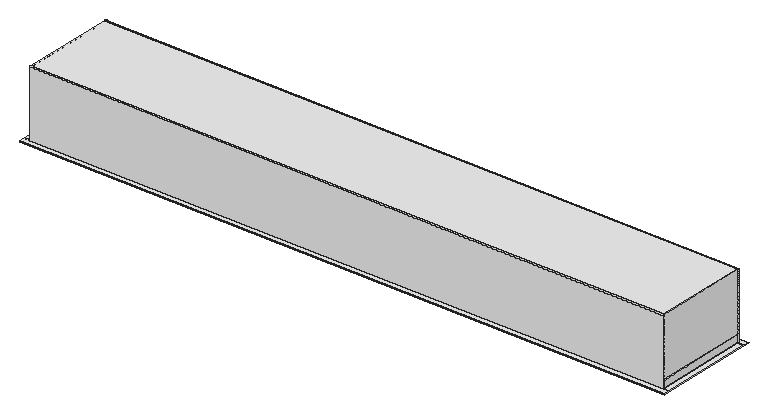
Revit family "MD3xx-4200-48", category Lighting Fixtures, host Ceiling, Revit 2023
Family settings
  Host = Ceiling
  Round Connector Dimension = Use Diameter
  Part Type = Normal
  OmniClass Number = 23.80.70.11.14.17
  OmniClass Title = Direct/Indirect
  Always vertical = Yes
  Cut with Voids When Loaded = No
  Light Source = Yes
  Maintain Annotation Orientation = No
  Shared = No
  Room Calculation Point = No
Parameters (values of type "MD3xx-4200-48-LED840K010LUNV (Reading ON)")
  Width = 0' - 7 3/4"
  Wattage = 10.25 W
  built-in parameter 1150110 = 1 (stored number, unit not read)
  Voltage = 120 V
  URL = "https://viscor.com/products/md-3-4200"
  built-in parameter 1114217 = 0.9 (stored number, unit not read)
  Tilt Angle = 90.00°
  built-in parameter 1150109 = 1 (stored number, unit not read)
  built-in parameter 1150134 = 12
  built-in parameter 1150113 = 1 (stored number, unit not read)
  Photometric Web File = "MD3xx-4200-48-LED840K010LUNV (Reading ON).ies"
  Model = "MD3-4200"  # constant formula
  Manufacturer = "Certolux By Viscor"  # constant formula
  Lumens = 998.043 lm
  built-in parameter 1150115 = 1 (stored number, unit not read)
  built-in parameter 1150105 = 79.422 (stored number, unit not read)
  built-in parameter 1150137 = (empty or 0)
  built-in parameter 1150139 = (empty or 0)
  Lens Finish = Acrylic - Viscor - Flat Frosted Prismatic P12
  Length = 3' - 11 3/4"
  Lamp Wattage = 10.25 VA
  built-in parameter 1150112 = 1 (stored number, unit not read)
  built-in parameter 1150114 = 1 (stored number, unit not read)
  Lamp = "LED"  # constant formula
  built-in parameter 1150132 = (empty or 0)
  built-in parameter 1150102 = (empty or 0)
  built-in parameter 1150138 = (empty or 0)
  built-in parameter 1150107 = 4000 (stored number, unit not read)
  built-in parameter 1150106 = 0.79422 (stored number, unit not read)
  Housing Finish = Metal - Viscor - White
  Emit from Rectangle Width = Width  # 0' - 7 3/4"
  Emit from Rectangle Length = Length  # 3' - 11 3/4"
  Emit Shape Visible in Rendering = no
  built-in parameter 1150104 = 9.046 (stored number, unit not read)
  Dimming Lamp Color Temperature Shift = <None>
  Diffuser Finish = Acrylic - Viscor - Frosted Round
  Description = "LED-Recessed Medical Patient Ambient/Exam/Reading Luminaire"  # constant formula
  Default Elevation = 0' - 0"
  Color Filter = 16777215
  built-in parameter 1114218 = 1 (stored number, unit not read)
  built-in parameter 1150133 = 10 (stored number, unit not read)
  Assembly Code = ""
  Apparent Load = Lamp Wattage  # 10.25 VA
Types (10): name | Wattage | Photometric Web File | Lumens | built-in parameter 1150105 | Lamp Wattage | built-in parameter 1150106 | built-in parameter 1150104 | Apparent Load
  (no name) | 10.25 W | "MD3xx-4200-48-LED840K010LUNV (Reading ON).ies" | 998.043 lm | 79.422 (stored number, unit not read) | 10.25 VA | 0.79422 (stored number, unit not read) | 9.046 (stored number, unit not read) | 10.25 VA
  MD3xx-4200-48-LED840K052LUNV (Exam On) | 49.4 W | "MD3xx-4200-48-LED840K052Lxxx(Exam ON).ies" | 5193.92 lm | 413.32 (stored number, unit not read) | 49.4 VA | 4.1332 (stored number, unit not read) | 9.7678 (stored number, unit not read) | 49.4 VA
  MD3xx-4200-48-LED840K052LUNV (Ambient On) | 25 W | 0' - 0" | 2625 lm | 208.89 (stored number, unit not read) | 25 VA | 2.0889 (stored number, unit not read) | 9.7548 (stored number, unit not read) | 25 VA
  MD3xx-4200-48-LED840K026LUNV (Exam On) | 28.3 W | "MD3xx-4200-48-LED840K026Lxxx(Exam ON).ies" | 2776.23 lm | 220.93 (stored number, unit not read) | 28.3 VA | 2.2093 (stored number, unit not read) | 9.1138 (stored number, unit not read) | 28.3 VA
  MD3xx-4200-48-LED840K026LUNV (Ambient On) | 25 W | "MD3xx-4200-48-LED840K026Lxxx (Ambient ON).IES" | 2637.5 lm | 209.89 (stored number, unit not read) | 25 VA | 2.0989 (stored number, unit not read) | 9.8013 (stored number, unit not read) | 25 VA
  MD3xx-4200-48-LED840K013Lxxx(Ambient ON) | 13 W | "MD3xx-4200-48-LED840K013Lxxx(Ambient ON).ies" | 1318.2 lm | 104.9 (stored number, unit not read) | 13 VA | 1.049 (stored number, unit not read) | 9.4204 (stored number, unit not read) | 13 VA
  MD3xx-4200-48-LED840K070Lxxx(Exam ON) | 66.2 W | "MD3xx-4200-48-LED840K070Lxxx(Exam ON).ies" | 6925.18 lm | 551.09 (stored number, unit not read) | 66.2 VA | 5.5109 (stored number, unit not read) | 9.7186 (stored number, unit not read) | 66.2 VA
  MD3xx-4200-48-LED840K060Lxxx(Exam ON) | 56.1 W | "MD3xx-4200-48-LED840K060Lxxx(Exam ON).ies" | 5997.09 lm | 477.23 (stored number, unit not read) | 56.1 VA | 4.7723 (stored number, unit not read) | 9.9313 (stored number, unit not read) | 56.1 VA
  MD3xx-4200-48-LED840K031Lxxx(Exam ON) | 35 W | "MD3xx-4200-48-LED840K031Lxxx(Exam ON).ies" | 3140.2 lm | 249.89 (stored number, unit not read) | 35 VA | 2.4989 (stored number, unit not read) | 8.3353 (stored number, unit not read) | 35 VA
  MD3xx-4200-48-LED840K010LUNV (Reading ON) | 10.25 W | "MD3xx-4200-48-LED840K010LUNV (Reading ON).ies" | 998.043 lm | 79.422 (stored number, unit not read) | 10.25 VA | 0.79422 (stored number, unit not read) | 9.046 (stored number, unit not read) | 10.25 VA
Reference planes (in)
  plane 1 "Light Source Axis (F/B)": y = 0
  plane 2 "Ceiling": z = 96
  plane 3 "Light Source Axis (L/R)": x = 0
  plane 4 "Light Source Elevation": z = 95.25
  plane 5: y = 3.875
  plane 6: y = -3.875
  plane 7 "Left": x = -23.875
  plane 8 "Right": x = 23.875
  plane 9 "USofFrame": z = 96.045
  plane 10 "Lens": z = 96.17
  plane 11: x = -23.84375
  plane 12: x = -23.473
  plane 13: x = 23.473
  plane 14: x = -16.875
  plane 15: x = -20.027
Forms (in)
  Extrusion 1, void
    sketch origin (43.99109, -53.88196, 0) x (1, 0, 0) y (0, 1, 0)
      loop
        line (-67.86609, 57.75696) -> (-67.86609, 50.00696) -> (-20.11609, 50.00696) -> (-20.11609, 57.75696) -> (-67.86609, 57.75696)
    from 95.94035 to 101.56772
  Extrusion 2, void
    sketch origin (0, 0, 96) x (1, 0, 0) y (0, 1, 0)
      loop
        line (-22.5738, -2.5625) -> (22.5738, -2.5625) -> (22.5738, 2.5625) -> (-22.5738, 2.5625) -> (-22.5738, -2.5625)
    from -0.12033 to 0.79
  Extrusion 3, solid, material "Metal - Viscor - White" <- "Housing Finish"
    sketch origin (0, 0, 0) x (0, 1, 0) y (0, 0, 1)
      loop
        arc (3.4815, 100.979) -> (3.46217, 101.02567) -> (3.4155, 101.045) r 0.066
        line (3.4155, 101.045) -> (-3.4155, 101.045)
        arc (-3.4155, 101.045) -> (-3.46217, 101.02567) -> (-3.4815, 100.979) r 0.066
        line (-3.4815, 100.979) -> (-3.4815, 96.108) -> (-3.4455, 96.108) -> (-3.4455, 100.979)
        arc (-3.4455, 100.979) -> (-3.43671, 101.00021) -> (-3.4155, 101.009) r 0.03
        line (-3.4155, 101.009) -> (3.4155, 101.009)
        arc (3.4155, 101.009) -> (3.43671, 101.00021) -> (3.4455, 100.979) r 0.03
        line (3.4455, 100.979) -> (3.4455, 96.108) -> (3.4815, 96.108) -> (3.4815, 100.979)
    from -23.473 to 23.473
  Extrusion 4, solid, material "Metal - Viscor - White" <- "Housing Finish"
    sketch origin (0, 0, 0) x (1, 0, 0) y (0, 0, 1)
      loop
        line (-23.47204, 96.093) -> (-23.87504, 96.093) -> (-23.87504, 96.045) -> (-23.47204, 96.045)
        arc (-23.47204, 96.045) -> (-23.41052, 96.07048) -> (-23.38504, 96.132) r 0.087
        line (-23.38504, 96.132) -> (-23.38504, 96.631)
        arc (-23.38504, 96.631) -> (-23.37362, 96.65858) -> (-23.34604, 96.67) r 0.039
        line (-23.34604, 96.67) -> (23.34596, 96.67)
        arc (23.34596, 96.67) -> (23.37354, 96.65858) -> (23.38496, 96.631) r 0.039
        line (23.38496, 96.631) -> (23.38496, 96.132)
        arc (23.38496, 96.132) -> (23.41044, 96.07048) -> (23.47196, 96.045) r 0.087
        line (23.47196, 96.045) -> (23.87496, 96.045) -> (23.87496, 96.093) -> (23.47196, 96.093)
        arc (23.47196, 96.093) -> (23.44438, 96.10442) -> (23.43296, 96.132) r 0.039
        line (23.43296, 96.132) -> (23.43296, 96.631)
        arc (23.43296, 96.631) -> (23.40748, 96.69252) -> (23.34596, 96.718) r 0.087
        line (23.34596, 96.718) -> (-23.34604, 96.718)
        arc (-23.34604, 96.718) -> (-23.40756, 96.69252) -> (-23.43304, 96.631) r 0.087
        line (-23.43304, 96.631) -> (-23.43304, 96.132)
        arc (-23.43304, 96.132) -> (-23.44446, 96.10442) -> (-23.47204, 96.093) r 0.039
    from -3.4455 to 3.4455
  Extrusion 5, solid, material "Metal - Viscor - White" <- "Housing Finish"
    sketch origin (0, 0, 0) x (0, 1, 0) y (0, 0, 1)
      loop
        arc (-3.4155, 101.009) -> (-3.43671, 101.00021) -> (-3.4455, 100.979) r 0.03
        line (-3.4455, 100.979) -> (-3.4455, 96.718) -> (3.4455, 96.718) -> (3.4455, 100.979)
        arc (3.4455, 100.979) -> (3.43671, 101.00021) -> (3.4155, 101.009) r 0.03
        line (3.4155, 101.009) -> (-3.4155, 101.009)
    from 23.38355 to 23.473
  Extrusion 6, solid, material "Metal - Viscor - White" <- "Housing Finish"
    sketch origin (0, 0, 0) x (0, 1, 0) y (0, 0, -1)
      loop
        line (-3.4155, -101.009) -> (3.4155, -101.009)
        arc (3.4155, -101.009) -> (3.43671, -101.00021) -> (3.4455, -100.979) r 0.03
        line (3.4455, -100.979) -> (3.4455, -96.718) -> (-3.4455, -96.718) -> (-3.4455, -100.979)
        arc (-3.4455, -100.979) -> (-3.43671, -101.00021) -> (-3.4155, -101.009) r 0.03
    from 23.38355 to 23.473
  Extrusion 7, solid, material "Metal - Viscor - White" <- "Housing Finish"
    sketch origin (0, 0, 0) x (0, 1, 0) y (0, 0, 1)
      loop
        line (3.875, 96.045) -> (3.875, 96.093) -> (3.4455, 96.093) -> (3.4455, 96.045) -> (3.875, 96.045)
    from -23.875 to 23.875
  Extrusion 8, solid, material "Metal - Viscor - White" <- "Housing Finish"
    sketch origin (0, 0, 0) x (0, -1, 0) y (0, 0, -1)
      loop
        line (3.875, -96.045) -> (3.4455, -96.045) -> (3.4455, -96.093) -> (3.875, -96.093) -> (3.875, -96.045)
    from -23.875 to 23.875
  Extrusion 9, solid, material "Metal - Viscor - White" <- "Housing Finish"
    sketch origin (0, 0, 96) x (1, 0, 0) y (0, 1, 0)
      loop
        line (-23.3225, -3.323) -> (23.3225, -3.323) -> (23.3225, 3.323) -> (-23.3225, 3.323) -> (-23.3225, -3.323)
      loop
        line (22.4085, 2.381) -> (-16.875, 2.381) -> (-16.875, -2.381) -> (22.4085, -2.381) -> (22.4085, 2.381)
    from 0 to 0.631
  Extrusion 10, solid, material "Acrylic - Viscor - Flat Frosted Prismatic P12" <- "Lens Finish"
    sketch origin (0, 0, 0) x (0, 1, 0) y (0, 0, 1)
      loop
        line (2.5625, 96.118) -> (2.5625, 96.243) -> (-2.5625, 96.243) -> (-2.5625, 96.118) -> (2.5625, 96.118)
    from -17.04379 to 22.56246
  Extrusion 11, solid
    sketch origin (0, 0, 0) x (0, 1, 0) y (0, 0, 1)
      loop
        arc (2.375, 97.55368) -> (2.36801, 97.58408) -> (2.34845, 97.60837) r 0.0696
        line (2.34845, 97.60837) -> (1.01894, 98.65509)
        arc (1.01894, 98.65509) -> (1.00065, 98.66545) -> (0.98009, 98.66987) r 0.0696
        line (0.98009, 98.66987) -> (-0.97867, 98.66994)
        arc (-0.97867, 98.66994) -> (-0.99998, 98.6657) -> (-1.01894, 98.65509) r 0.0696
        line (-1.01894, 98.65509) -> (-2.34845, 97.60837)
        arc (-2.34845, 97.60837) -> (-2.36801, 97.58408) -> (-2.375, 97.55368) r 0.0696
        line (-2.375, 97.55368) -> (-2.375, 96.79) -> (-2.34375, 96.79) -> (-2.34375, 97.55368)
        arc (-2.34375, 97.55368) -> (-2.3399, 97.57043) -> (-2.32912, 97.58381) r 0.03835
        line (-2.32912, 97.58381) -> (-0.98924, 98.63869) -> (0.98934, 98.63862) -> (2.32912, 97.58381)
        arc (2.32912, 97.58381) -> (2.3399, 97.57043) -> (2.34375, 97.55368) r 0.03835
        line (2.34375, 97.55368) -> (2.34375, 96.79) -> (2.375, 96.79) -> (2.375, 97.55368)
    from -22.56254 to 22.56246
  Extrusion 12, void
    sketch origin (0, 0, 96) x (1, 0, 0) y (0, 1, 0)
      loop
        circle (-20.027, 0) r 1.25
    from 0 to 0.30799
  Extrusion 13, solid, material "Acrylic - Viscor - Flat Frosted Prismatic P12" <- "Lens Finish"
    sketch origin (0, 0, 96) x (1, 0, 0) y (0, 1, 0)
      loop
        circle (-20.027, 0) r 1.625
    from 0.30799 to 0.44135
Cuts and joins
  Extrusion 12 cuts Extrusion 3
  Extrusion 12 cuts Extrusion 4
  Extrusion 12 cuts Extrusion 9
  Extrusion 12 cuts Extrusion 11
Dimensions and locks (in)
  equal spacing: host sketch curve, plane 3 "Light Source Axis (L/R)", host sketch curve
  equal spacing: host sketch curve, plane 1 "Light Source Axis (F/B)", host sketch curve
  host sketch curve to host sketch curve = 10' - 0"  (x2)
  equal spacing: plane 7 "Left", plane 3 "Light Source Axis (L/R)", plane 8 "Right"
  "Length": plane 7 "Left" to plane 8 "Right"
  equal spacing: plane 5, plane 1 "Light Source Axis (F/B)", plane 6
  "Width": plane 5 to plane 6
  locked: plane 9 "USofFrame" to plane 2 "Ceiling" at 0.045
  plane 10 "Lens" to plane 9 "USofFrame" = 0' - 0 1/8"
  Extrusion 1 to plane 12 to plane 3 "Light Source Axis (L/R)" = 0' - 0.402" locked, 1' - 11.473"
  locked: plane 13 to plane 8 "Right" at 0.402
  plane 4 "Light Source Elevation" to level = 7' - 11 1/4"
  Extrusion 10 to plane 2 "Ceiling" = 0' - 0.118"
  locked: plane 7 "Left" to plane 14 at 7
  plane 7 "Left" to plane 15 = 0' - 3.848"
  plane 2 "Ceiling" to plane 4 "Light Source Elevation" = 0' - 0 3/4"
  aligned and locked: plane 3 "Light Source Axis (L/R)" to imposter light
  aligned and locked: plane 1 "Light Source Axis (F/B)" to imposter light
  aligned and locked: plane 4 "Light Source Elevation" to imposter light
  aligned and locked: Extrusion 1 to plane 7 "Left"
  aligned and locked: plane 8 "Right" to Extrusion 1
  aligned and locked: Extrusion 1 to plane 6
  aligned and locked: plane 5 to Extrusion 1
  aligned and locked: Extrusion 3 to plane 12
  aligned and locked: plane 13 to Extrusion 3
  aligned and locked: Extrusion 4 to Extrusion 3  (x2)
  aligned and locked: plane 13 to Extrusion 5
  aligned and locked: Extrusion 5 to import instance
  aligned and locked: Extrusion 7 to plane 7 "Left"
  aligned and locked: plane 8 "Right" to Extrusion 7
  aligned and locked: plane 14 to Extrusion 9
Automatic sketch dimensions
  Extrusion 1 sketch curve to plane 6 = 0' - 0"
  Extrusion 1 sketch curve to plane 7 "Left" = 0' - 0"
  Extrusion 1 sketch curve to plane 8 "Right" = 0' - 0"
  Extrusion 1 sketch curve to plane 5 = 0' - 0"
  plane 12 to Extrusion 2 sketch curve = 0' - 0.8992"
  Extrusion 2 sketch curve to plane 13 = 0' - 0.8992"
  plane 6 to Extrusion 2 sketch curve = 0' - 1 5/16"
  Extrusion 2 sketch curve to plane 5 = 0' - 1 5/16"
  Extrusion 3 sketch curve to Extrusion 3 sketch curve = 0' - 0"  (x4)
  plane 6 to Extrusion 3 sketch curve = 0' - 0.3935"
  Extrusion 3 sketch curve to Extrusion 3 sketch curve = 0' - 0.036"
  Extrusion 3 sketch curve to Extrusion 3 sketch curve = 0' - 0.03"  (x2)
  Extrusion 3 sketch curve to plane 5 = 0' - 0.4595"
  Extrusion 3 sketch curve to plane 10 "Lens" = 0' - 0.062"  (x2)
  plane 10 "Lens" to Extrusion 3 sketch curve = 0' - 4.809"
  Extrusion 4 sketch curve to Extrusion 4 sketch curve = 0' - 0"  (x8)
  Extrusion 4 sketch curve to plane 9 "USofFrame" = 0' - 0"  (x2)
  Extrusion 4 sketch curve to plane 7 "Left" = 0' - 0.00004"
  plane 12 to Extrusion 4 sketch curve = 0' - 0.00096"
  plane 12 to Extrusion 4 sketch curve = 0' - 0.03996"
  Extrusion 4 sketch curve to Extrusion 4 sketch curve = 0' - 0.048"
  Extrusion 4 sketch curve to Extrusion 4 sketch curve = 0' - 0.039"
  Extrusion 4 sketch curve to plane 13 = 0' - 0.12704"
  Extrusion 4 sketch curve to plane 10 "Lens" = 0' - 0.038"
  Extrusion 4 sketch curve to plane 13 = 0' - 0.08804"
  Extrusion 4 sketch curve to plane 8 "Right" = 0' - 0.00004"
  plane 10 "Lens" to Extrusion 4 sketch curve = 0' - 0.461"
  plane 6 to Extrusion 5 sketch curve = 0' - 0.4295"
  Extrusion 5 sketch curve to Extrusion 5 sketch curve = 0' - 0.03"
  Extrusion 5 sketch curve to plane 5 = 0' - 0.4595"
  Extrusion 5 sketch curve to plane 5 = 0' - 0.4295"
  plane 10 "Lens" to Extrusion 5 sketch curve = 0' - 0.548"
  Extrusion 5 sketch curve to Extrusion 5 sketch curve = 0' - 4.261"
  plane 6 to Extrusion 6 sketch curve = 0' - 0.4295"
  Extrusion 6 sketch curve to Extrusion 6 sketch curve = 0' - 0.03"
  Extrusion 6 sketch curve to plane 5 = 0' - 0.4595"
  Extrusion 6 sketch curve to plane 5 = 0' - 0.4295"
  plane 10 "Lens" to Extrusion 6 sketch curve = 0' - 4.839"
  plane 10 "Lens" to Extrusion 6 sketch curve = 0' - 0.548"
  Extrusion 7 sketch curve to plane 9 "USofFrame" = 0' - 0"
  Extrusion 7 sketch curve to plane 5 = 0' - 0"
  plane 9 "USofFrame" to Extrusion 7 sketch curve = 0' - 0.048"
  Extrusion 7 sketch curve to plane 5 = 0' - 0.4295"
  Extrusion 8 sketch curve to plane 9 "USofFrame" = 0' - 0"
  Extrusion 8 sketch curve to plane 6 = 0' - 0"
  Extrusion 8 sketch curve to plane 9 "USofFrame" = 0' - 0.048"
  Extrusion 8 sketch curve to plane 6 = 0' - 0.4295"
  plane 12 to Extrusion 9 sketch curve = 0' - 0.1505"
  plane 12 to Extrusion 9 sketch curve = 0' - 6.598"
  Extrusion 9 sketch curve to plane 13 = 0' - 1.0645"
  Extrusion 9 sketch curve to plane 13 = 0' - 0.1505"
  plane 6 to Extrusion 9 sketch curve = 0' - 0.552"
  Extrusion 9 sketch curve to Extrusion 9 sketch curve = 0' - 0.942"
  Extrusion 9 sketch curve to plane 5 = 0' - 1.494"
  Extrusion 9 sketch curve to plane 5 = 0' - 0.552"
  Extrusion 10 sketch curve to plane 10 "Lens" = 0' - 0.052"
  plane 6 to Extrusion 10 sketch curve = 0' - 1 5/16"
  plane 10 "Lens" to Extrusion 10 sketch curve = 0' - 0.073"
  Extrusion 10 sketch curve to plane 5 = 0' - 1 5/16"
  Extrusion 11 sketch curve to Extrusion 11 sketch curve = 0' - 0"  (x4)
  plane 6 to Extrusion 11 sketch curve = 0' - 1 1/2"
  Extrusion 11 sketch curve to Extrusion 11 sketch curve = 0' - 0.02655"
  Extrusion 11 sketch curve to Extrusion 11 sketch curve = 0' - 0 1/32"  (x2)
  Extrusion 11 sketch curve to Extrusion 11 sketch curve = 0' - 0.01933"  (x2)
  Extrusion 11 sketch curve to Extrusion 11 sketch curve = 0' - 0.02372"  (x2)
  plane 1 "Light Source Axis (F/B)" to Extrusion 11 sketch curve = 0' - 1.01894"
  Extrusion 11 sketch curve to Extrusion 11 sketch curve = 0' - 0.0297"
  Extrusion 11 sketch curve to Extrusion 11 sketch curve = 0' - 0.01058"
  Extrusion 11 sketch curve to Extrusion 11 sketch curve = 0' - 0.01335"
  Extrusion 11 sketch curve to plane 1 "Light Source Axis (F/B)" = 0' - 0.97589"
  Extrusion 11 sketch curve to Extrusion 11 sketch curve = 0' - 0.0042"
  Extrusion 11 sketch curve to Extrusion 11 sketch curve = 0' - 0.00925"
  Extrusion 11 sketch curve to Extrusion 11 sketch curve = 0' - 0.02961"
  Extrusion 11 sketch curve to plane 5 = 0' - 1.5696"
  Extrusion 11 sketch curve to Extrusion 11 sketch curve = 0' - 0.01463"
  plane 10 "Lens" to Extrusion 11 sketch curve = 0' - 0.62"  (x2)
  Extrusion 11 sketch curve to Extrusion 11 sketch curve = 0' - 0.76368"
  plane 10 "Lens" to Extrusion 11 sketch curve = 0' - 1.38368"
  Extrusion 11 sketch curve to Extrusion 11 sketch curve = 0' - 1.04672"  (x2)
  Extrusion 11 sketch curve to Extrusion 11 sketch curve = 0' - 0.03822"
  Extrusion 11 sketch curve to Extrusion 11 sketch curve = 0' - 0.03829"
  Extrusion 11 sketch curve to Extrusion 11 sketch curve = 0' - 0.01639"
  Extrusion 11 sketch curve to Extrusion 11 sketch curve = 0' - 0.01646"
  plane 1 "Light Source Axis (F/B)" to Extrusion 12 sketch curve = 0' - 0"
  Extrusion 12 sketch curve to plane 15 = 0' - 0"
  plane 1 "Light Source Axis (F/B)" to Extrusion 13 sketch curve = 0' - 0"
  Extrusion 13 sketch curve to plane 15 = 0' - 0"
  radius of Extrusion 12 sketch curve = 0' - 1 1/4"
  radius of Extrusion 13 sketch curve = 0' - 1 5/8"
Connectors (in)
  electrical at (0, 0, 96), driven by "Voltage", driven by "Apparent Load"
    settings: index 1, voltage 120 V, apparent load 0 VA, apparent load phase1 10.25 VA, apparent load phase2 0 VA, apparent load phase3 0 VA, power factor 1, load classification "Other", number of poles 1, system type 31, power factor state 1, is connector primary yes, connector utility no, sub classification motor no, connector description ""
